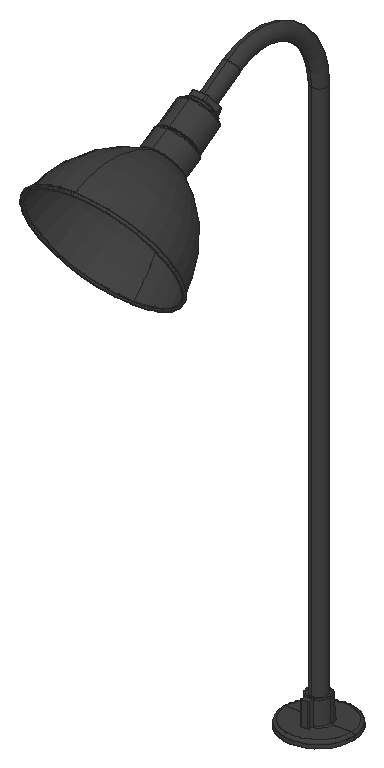
Revit family "BLE-G-DBW-G7-E26", category Lighting Fixtures, host Face, Revit 2022
Family settings
  Host = Face
  Round Connector Dimension = Use Diameter
  Part Type = Normal
  Cut with Voids When Loaded = No
  Light Source = Yes
  Maintain Annotation Orientation = No
  Shared = No
  Room Calculation Point = No
Parameters (values of type "10"")
  Wattage = 5.72229 W
  built-in parameter 1150110 = 1 (stored number, unit not read)
  built-in parameter 1114217 = 1 (stored number, unit not read)
  Tilt Angle = 0.00°
  built-in parameter 1150109 = 1 (stored number, unit not read)
  built-in parameter 1150134 = (empty or 0)
  built-in parameter 1150113 = 1 (stored number, unit not read)
  Gooseneck Material = 100 - Black
  Shade Material = 100 - Black
  Photometric Web File = "generic"
  built-in parameter 1150142 = (empty or 0)
  built-in parameter 1150105 = 67.641 (stored number, unit not read)
  Lumens = 850 lm
  built-in parameter 1150115 = 1 (stored number, unit not read)
  built-in parameter 1150137 = (empty or 0)
  built-in parameter 1150139 = (empty or 0)
  built-in parameter 1150112 = 1 (stored number, unit not read)
  built-in parameter 1150114 = 1 (stored number, unit not read)
  built-in parameter 1150132 = 2
  built-in parameter 1150102 = (empty or 0)
  built-in parameter 1150107 = 3000 (stored number, unit not read)
  built-in parameter 1150138 = (empty or 0)
  built-in parameter 1150106 = 0.67641 (stored number, unit not read)
  24" = no
  built-in parameter 1150104 = 13.8 (stored number, unit not read)
  20" = no
  Dimming Lamp Color Temperature Shift = <None>
  Default Elevation = 4' - 0"
  Color Filter = 16777215
  Base Material = 100 - Black
  built-in parameter 1114218 = 1 (stored number, unit not read)
  built-in parameter 1150133 = 10 (stored number, unit not read)
  16" = no
  14" = no
  12" = no
  10" = yes
Types (7): name | 24" | 20" | 16" | 14" | 12" | 10"
  (no name) | no | no | no | no | no | yes
  12" | no | no | no | no | yes | no
  14" | no | no | no | yes | no | no
  16" | no | no | yes | no | no | no
  10" | no | no | no | no | no | yes
  20" | no | yes | no | no | no | no
  24" | yes | no | no | no | no | no
Reference planes (in)
  plane 1 "Center (Front/Back)": y = 0
  plane 2: z = 0
  plane 3 "Center (Left/Right)": x = 0
Lines and regions (in)
  reference lines
    curve 1: line (0, 32, 0) -> (0, -36, 0)
    curve 2: line (-33.11947, 0, 0) -> (37.88053, 0, 0)
Dimensions and locks (in)
  locked: nested 6 to imposter light at 1.75
  aligned and locked: plane 2 to host face
  aligned and locked: level to host face
  aligned and locked: plane 3 "Center (Left/Right)" to nested 1
  aligned and locked: plane 1 "Center (Front/Back)" to nested 1
  aligned and locked: imposter light to nested 6
  aligned and locked: nested 7 to nested 3
  aligned and locked: imposter light to plane 3 "Center (Left/Right)"
  aligned and locked: plane 1 "Center (Front/Back)" to nested 2
  aligned and locked: nested 3 to plane 3 "Center (Left/Right)"
  aligned and locked: nested 3 to nested 6
  aligned and locked: imposter light to nested 3
Nested families (in)
  nested 1: "WBP-7501" at (0, 0, 0), type "WBP-7501"
  nested 2: "G7" at (0, 0, 1.975), type "GNK-5011"
  nested 3: "DBW Shade" at (0, -9.74073, 40.06581) x (0, 0.5, -0.866) z (0, -0.866, -0.5), type "DBW Shade"
    with 24" no, 20" no, 16" no, 14" no, 12" no
  nested 4: "103264" at (0, -3.60156, 48.3054) x (0, 0, -1) z (0, -1, 0), type "103264"
    with Heat Sink 9" no
  nested 5: "CPL-0004" at (0, -9.18316, 40.40043) x (1, 0, 0) z (0, -0.866, -0.5), type "CPL-0004"
  nested 6: "E26 Socket Assy" at (0, -9.77456, 40.04628) x (0, 0.5, -0.866) z (0, -0.866, -0.5), type "E26 Socket Assy"
  nested 7: "E26 Bulb" at (0, -11.72744, 38.91879) x (1, 0, 0) z (0, -0.866, -0.5), type "E26 Bulb"
Connectors (in)
  electrical at (0, 0, 0)
    settings: index 1, voltage 0 V, apparent load 0 VA, apparent load phase1 0 VA, apparent load phase2 0 VA, apparent load phase3 0 VA, power factor 1, load classification "Other", number of poles 1, system type 31, power factor state 1, is connector primary yes, connector utility no, sub classification motor no, connector description ""
Definition of nested family "WBP-7501"
  Parameters (values of type "WBP-7501")
    Default Elevation = 3' - 0"
    Base Material = none
  Reference planes (in)
    plane 1 "Center (Front/Back)": y = 0
    plane 2: z = 0
    plane 3 "Center (Left/Right)": x = 0
    plane 4 "Base Dia": x = -2.325
    plane 5 "Base Height": z = 0.4
    plane 6 "Fillet Radius": z = 0.225
    plane 7: z = 0.458
    plane 8: x = -0.87
    plane 9: x = -0.81
    plane 10: x = -0.76
    plane 11: z = 1.917
    plane 12: z = 1.975
    plane 13: x = -0.7
    plane 14: x = -0.2595
    plane 15: x = 0.2595
    plane 16: y = -1.135
  Forms (in)
    Extrusion 1, solid
      sketch origin (0, 0, 0) x (1, 0, 0) y (0, 1, 0)
        loop
          line (-48, 48) -> (-48, -48) -> (48, -48) -> (48, 48) -> (-48, 48)
      from 0 to -12
    Revolve 2, solid, material <- "Base Material"
      sketch origin (0, 0, 0) x (1, 0, 0) y (0, 0, 1)
        loop
          line (0, 0) -> (0, 1.975) -> (-0.7, 1.975)
          arc (-0.7, 1.975) -> (-0.74172, 1.95814) -> (-0.76, 1.91702) r 0.06003
          line (-0.76, 1.91702) -> (-0.81, 0.458)
          arc (-0.81, 0.458) -> (-0.82699, 0.41699) -> (-0.868, 0.4) r 0.058
          line (-0.868, 0.4) -> (-2.15, 0.4)
          arc (-2.15, 0.4) -> (-2.27374, 0.34874) -> (-2.325, 0.225) r 0.175
          line (-2.325, 0.225) -> (-2.325, 0) -> (0, 0)
        axis (0, 0) -> (0, 1.975)
      angle from 0 to 360
    Extrusion 3, solid, material <- "Base Material"
      sketch origin (0, 0, 0) x (1, 0, 0) y (0, 1, 0)
        loop
          line (-0.2595, -0.76731) -> (-0.2595, -1.075)
          arc (-0.2595, -1.075) -> (-0.24193, -1.11743) -> (-0.1995, -1.135) r 0.06
          line (-0.1995, -1.135) -> (0.1995, -1.135)
          arc (0.1995, -1.135) -> (0.24193, -1.11743) -> (0.2595, -1.075) r 0.06
          line (0.2595, -1.075) -> (0.2595, -0.76731)
          arc (0.2595, -0.76731) -> (0, -0.81) -> (-0.2595, -0.76731) r 0.81
      from 0 to 1.975
  Cuts and joins
    joined: Revolve 2, Extrusion 3
  Dimensions and locks (in)
    plane 4 "Base Dia" to plane 3 "Center (Left/Right)" = 0' - 2.325"
    locked: plane 5 "Base Height" to Extrusion 1 at 0.4
    locked: plane 3 "Center (Left/Right)" to plane 4 "Base Dia" at 2.325
    locked: plane 5 "Base Height" to plane 6 "Fillet Radius" at 0.175
    locked: plane 3 "Center (Left/Right)" to plane 9 at 0.81
    locked: plane 3 "Center (Left/Right)" to plane 8 at 0.87
    locked: plane 3 "Center (Left/Right)" to plane 10 at 0.76
    locked: plane 3 "Center (Left/Right)" to plane 13 at 0.7
    locked: plane 11 to plane 5 "Base Height" at 1.517
    locked: plane 12 to plane 5 "Base Height" at 1.575
    locked: plane 7 to plane 5 "Base Height" at 0.058
    locked: plane 14 to plane 3 "Center (Left/Right)" at 0.2595
    locked: plane 3 "Center (Left/Right)" to plane 15 at 0.2595
    locked: plane 16 to plane 1 "Center (Front/Back)" at 1.135
    radius of Revolve 2 sketch curve = 0' - 0.175"
    aligned and locked: plane 2 to Extrusion 1
    aligned and locked: level to Extrusion 1
    aligned and locked: Revolve 2 sketch curve to plane 5 "Base Height"
    aligned and locked: plane 9 to Revolve 2 sketch curve
    aligned and locked: plane 3 "Center (Left/Right)" to Revolve 2 sketch curve
    aligned and locked: plane 15 to Extrusion 3 sketch curve
    aligned and locked: Extrusion 3 sketch curve to plane 16
    aligned and locked: Extrusion 3 sketch curve to plane 14
  Automatic sketch dimensions
    Extrusion 1 sketch curve to Extrusion 1 sketch curve = 8' - 0"  (x2)
    Revolve 2 sketch curve to level = 0' - 0"
    Revolve 2 sketch curve to plane 4 "Base Dia" = 0' - 0"
    Revolve 2 sketch curve to plane 7 = 0' - 0"  (x2)
    plane 10 to Revolve 2 sketch curve = 0' - 0"
    Revolve 2 sketch curve to plane 12 = 0' - 0"
    Revolve 2 sketch curve to plane 13 = 0' - 0"
    Revolve 2 sketch curve to plane 3 "Center (Left/Right)" = 0' - 0"
    Revolve 2 sketch curve to Revolve 2 sketch curve = 0' - 0.22742"
    Revolve 2 sketch curve to Revolve 2 sketch curve = 0' - 1.76377"
    plane 1 "Center (Front/Back)" to Extrusion 3 sketch curve = 0' - 0"
    Extrusion 3 sketch curve to plane 3 "Center (Left/Right)" = 0' - 0"
    plane 14 to Extrusion 3 sketch curve = 0' - 0.06"
    Extrusion 3 sketch curve to plane 15 = 0' - 0.06"
    Extrusion 3 sketch curve to Extrusion 3 sketch curve = 0' - 0.30769"
Definition of nested family "G7"
  Parameters (values of type "G7")
    Gooseneck Material = none
    Default Elevation = 2' - 0"
  Reference planes (in)
    plane 1 "Center (Front/Back)": y = 0
    plane 2: z = 0
    plane 3 "Center (Left/Right)": x = 0
    plane 4 "Wood Height": z = 0
    plane 5: through (0, -9.18316, 38.42543) normal (0, -0.5, 0.866)
  Forms (in)
    Extrusion 1, solid
      sketch origin (0, 0, 0) x (1, 0, 0) y (0, 1, 0)
        loop
          line (-48, 48) -> (-48, -48) -> (48, -48) -> (48, 48) -> (-48, 48)
      from 0 to -12
    Sweep 2, solid, material <- "Gooseneck Material"
      path origin (0, 0, 0) x (0, 1, 0) y (0, 0, 1)
        loop
          line (0, -0.0015) -> (0, 35.50009)
          arc (0, 35.50009) -> (-2.375, 39.61371) -> (-7.125, 39.61371) r 4.75
          line (-7.125, 39.61371) -> (-9.18316, 38.42543)
      profile origin (0, 0, 17.7493) x (0, -1, 0) y (1, 0, 0)
        loop
          circle (0, 0) r 0.52676
  Dimensions and locks (in)
    aligned and locked: plane 2 to Extrusion 1
    aligned and locked: level to Extrusion 1
    aligned and locked: Extrusion 1 to plane 4 "Wood Height"
Definition of nested family "DBW Shade"
  Parameters (values of type "DBW Shade")
    Shade Material = none
    Default Elevation = 2' - 0"
    24" = yes
    20" = yes
    10" = yes
    16" = yes
    14" = yes
    12" = yes
  Reference planes (in)
    plane 1 "Center (Front/Back)": y = 0
    plane 2: z = 0
    plane 3 "Center (Left/Right)": x = 0
  Forms (in)
    Extrusion 1, solid
      sketch origin (0, 0, 0) x (1, 0, 0) y (0, 1, 0)
        loop
          line (-48, 48) -> (-48, -48) -> (48, -48) -> (48, 48) -> (-48, 48)
      from 0 to -12
  Dimensions and locks (in)
    aligned and locked: plane 2 to Extrusion 1
    aligned and locked: level to Extrusion 1
    aligned and locked: plane 1 "Center (Front/Back)" to nested 1
    aligned and locked: plane 3 "Center (Left/Right)" to nested 1
    aligned and locked: plane 3 "Center (Left/Right)" to nested 2
    aligned and locked: plane 1 "Center (Front/Back)" to nested 2
    aligned and locked: plane 1 "Center (Front/Back)" to nested 3
    aligned and locked: plane 3 "Center (Left/Right)" to nested 3
    aligned and locked: plane 1 "Center (Front/Back)" to nested 4
    aligned and locked: plane 1 "Center (Front/Back)" to nested 5
    aligned and locked: plane 3 "Center (Left/Right)" to nested 5
    aligned and locked: plane 3 "Center (Left/Right)" to nested 6
    aligned and locked: plane 1 "Center (Front/Back)" to nested 6
    aligned and locked: plane 3 "Center (Left/Right)" to nested 4
  Nested families (in)
    nested 1: "SHD-0028" at (0, 0, 0), visible <- "10"", type "SHD-0028"
    nested 2: "SHD-0029" at (0, 0, 0), visible <- "12"", type "SHD-0029"
    nested 3: "SHD-0114" at (0, 0, 0), visible <- "14"", type "SHD-0114"
    nested 4: "SHD-0115" at (0, 0, 0), visible <- "16"", type "SHD-0115"
    nested 5: "SHD-0308" at (0, 0, 0), visible <- "24"", type "SHD-0308"
    nested 6: "SHD-0223" at (0, 0, 0), visible <- "20"", type "SHD-0223"
  Definition of nested family "SHD-0028"
    Parameters (values of type "SHD-0028")
      Shade Material = none
      Default Elevation = 2' - 0"
    Reference planes (in)
      plane 1 "Center (Front/Back)": y = 0
      plane 2: z = 0
      plane 3 "Center (Left/Right)": x = 0
      plane 4 "Wood Height": z = 0
      plane 5 "Nut Radius": x = -1.03713
      plane 6 "Nut Flat": x = -0.861
      plane 7 "Shade Thickness": z = 0.04
      plane 8 "Lower Shade bottom": z = 9.109
      plane 9 "Lower Shade Outer Dia": x = -5
      plane 10 "Shade Top Dia": x = -1.20713
      plane 11 "Shade Middle Radius Height1": z = 1.965
      plane 12 "Shade Lower Diameter1": x = -1.44113
      plane 13 "Shade Top Radius": x = -1.29713
      plane 14 "Shade Middle Radious Height2": z = 2.105
      plane 15 "Shade Middle Radius Diameter2": x = -1.41363
      plane 16 "Lip Height": z = 9.029
      plane 17 "Bowl Start": z = 3.545
      plane 18: x = -4.85
      plane 19: z = 9.069
    Forms (in)
      Extrusion 1, solid
        sketch origin (0, 0, 0) x (1, 0, 0) y (0, 1, 0)
          loop
            line (-48, 48) -> (-48, -48) -> (48, -48) -> (48, 48) -> (-48, 48)
        from 0 to -12
      Revolve 2, solid, material <- "Shade Material"
        sketch origin (0, 0, 0) x (1, 0, 0) y (0, 0, 1)
          loop
            line (0, 0) -> (0, 0.03906) -> (-1.20713, 0.03906)
            arc (-1.20713, 0.03906) -> (-1.24314, 0.05398) -> (-1.25806, 0.09) r 0.05094
            line (-1.25806, 0.09) -> (-1.25806, 1.94384)
            arc (-1.25806, 1.94384) -> (-1.26409, 1.97759) -> (-1.28141, 2.00717) r 0.09757
            line (-1.28141, 2.00717) -> (-1.37456, 2.11635) -> (-1.37456, 3.48096)
            arc (-1.37456, 3.48096) -> (-1.39014, 3.54099) -> (-1.43295, 3.58588) r 0.12347
            arc (-1.43295, 3.58588) -> (-3.7536, 5.90437) -> (-4.80544, 9.01154) r 7.20294
            arc (-4.80544, 9.01154) -> (-4.99326, 9.04214) -> (-4.84504, 8.9228) r 0.09841
            line (-4.84504, 8.9228) -> (-4.86619, 8.95581)
            arc (-4.86619, 8.95581) -> (-4.95809, 9.02506) -> (-4.84432, 9.00777) r 0.05934
            arc (-4.84432, 9.00777) -> (-3.78678, 5.88375) -> (-1.45354, 3.55268) r 7.242
            arc (-1.45354, 3.55268) -> (-1.42428, 3.522) -> (-1.41363, 3.48096) r 0.0844
            line (-1.41363, 3.48096) -> (-1.41363, 2.13147)
            arc (-1.41363, 2.13147) -> (-1.40868, 2.10377) -> (-1.39446, 2.07949) r 0.08009
            line (-1.39446, 2.07949) -> (-1.31112, 1.98181)
            arc (-1.31112, 1.98181) -> (-1.30074, 1.96408) -> (-1.29713, 1.94384) r 0.0585
            line (-1.29713, 1.94384) -> (-1.29713, 0.09)
            arc (-1.29713, 0.09) -> (-1.27077, 0.02636) -> (-1.20713, 0) r 0.09
            line (-1.20713, 0) -> (0, 0)
          axis (0, 9.01154) -> (0, 0)
        angle from 0 to 360
    Dimensions and locks (in)
      locked: plane 6 "Nut Flat" to plane 3 "Center (Left/Right)" at 0.861
      locked: plane 7 "Shade Thickness" to plane 4 "Wood Height" at 0.04
      locked: plane 3 "Center (Left/Right)" to plane 9 "Lower Shade Outer Dia" at 5
      locked: plane 11 "Shade Middle Radius Height1" to plane 4 "Wood Height" at 1.965
      locked: plane 14 "Shade Middle Radious Height2" to plane 4 "Wood Height" at 2.105
      locked: plane 8 "Lower Shade bottom" to plane 16 "Lip Height" at 0.08
      locked: plane 17 "Bowl Start" to plane 4 "Wood Height" at 3.545
      locked: plane 18 to plane 9 "Lower Shade Outer Dia" at 0.15
      locked: plane 8 "Lower Shade bottom" to plane 19 at 0.04
      locked: plane 8 "Lower Shade bottom" to plane 4 "Wood Height" at 9.109
      aligned and locked: plane 2 to Extrusion 1
      aligned and locked: level to Extrusion 1
      aligned and locked: plane 4 "Wood Height" to Revolve 2 sketch curve
      aligned and locked: plane 10 "Shade Top Dia" to Revolve 2 sketch curve
      aligned and locked: Revolve 2 sketch curve to plane 15 "Shade Middle Radius Diameter2"
      aligned and locked: Revolve 2 sketch curve to plane 13 "Shade Top Radius"
      aligned and locked: Extrusion 1 to plane 4 "Wood Height"
    Automatic sketch dimensions
      Extrusion 1 sketch curve to Extrusion 1 sketch curve = 8' - 0"  (x2)
      Revolve 2 sketch curve to Revolve 2 sketch curve = 0' - 0"  (x12)
      Revolve 2 sketch curve to plane 3 "Center (Left/Right)" = 0' - 0"  (x2)
      plane 18 to Revolve 2 sketch curve = 0' - 0.00496"
      Revolve 2 sketch curve to plane 18 = 0' - 0.01619"
      plane 15 "Shade Middle Radius Diameter2" to Revolve 2 sketch curve = 0' - 0.01916"
      plane 14 "Shade Middle Radious Height2" to Revolve 2 sketch curve = 0' - 0.01135"
      plane 15 "Shade Middle Radius Diameter2" to Revolve 2 sketch curve = 0' - 0 5/128"
      Revolve 2 sketch curve to plane 11 "Shade Middle Radius Height1" = 0' - 0.02116"
      plane 15 "Shade Middle Radius Diameter2" to Revolve 2 sketch curve = 0' - 0.058"
      plane 14 "Shade Middle Radious Height2" to Revolve 2 sketch curve = 0' - 0.02647"
      Revolve 2 sketch curve to plane 13 "Shade Top Radius" = 0' - 0.01572"
      Revolve 2 sketch curve to Revolve 2 sketch curve = 0' - 0 5/128"
      Revolve 2 sketch curve to plane 17 "Bowl Start" = 0' - 0.06404"
      plane 18 to Revolve 2 sketch curve = 0' - 0.00568"
      plane 17 "Bowl Start" to Revolve 2 sketch curve = 0' - 0.15101"
      Revolve 2 sketch curve to Revolve 2 sketch curve = 0' - 2.15863"
      Revolve 2 sketch curve to plane 12 "Shade Lower Diameter1" = 0' - 0.00818"
      Revolve 2 sketch curve to Revolve 2 sketch curve = 0' - 0.03888"  (x2)
      Revolve 2 sketch curve to Revolve 2 sketch curve = 0' - 0.03301"
      Revolve 2 sketch curve to Revolve 2 sketch curve = 0' - 0.02059"
      Revolve 2 sketch curve to Revolve 2 sketch curve = 0' - 0.03319"
  Definition of nested family "SHD-0029"
    Parameters (values of type "SHD-0029")
      Shade Material = none
      Default Elevation = 2' - 0"
    Reference planes (in)
      plane 1 "Center (Front/Back)": y = 0
      plane 2: z = 0
      plane 3 "Center (Left/Right)": x = 0
      plane 4 "Wood Height": z = 0
      plane 5 "Nut Radius": x = -1.03713
      plane 6 "Nut Flat": x = -0.861
      plane 7 "Shade Thickness": z = 0.04
      plane 8 "Shade Top Dia": x = -1.20713
      plane 9 "Shade Middle Radius Height1": z = 1.965
      plane 10 "Shade Lower Diameter1": x = -1.44113
      plane 11 "Shade Top Radius": x = -1.29713
      plane 12 "Shade Middle Radious Height2": z = 2.105
      plane 13 "Shade Middle Radius Diameter2": x = -1.41363
      plane 14 "Bowl Start": z = 3.545
    Forms (in)
      Extrusion 1, solid
        sketch origin (0, 0, 0) x (1, 0, 0) y (0, 1, 0)
          loop
            line (-48, 48) -> (-48, -48) -> (48, -48) -> (48, 48) -> (-48, 48)
        from 0 to -12
      Revolve 2, solid, material <- "Shade Material"
        sketch origin (0, 0, 0) x (1, 0, 0) y (0, 0, 1)
          loop
            line (0, 0) -> (0, 0.03906) -> (-1.20713, 0.03906)
            arc (-1.20713, 0.03906) -> (-1.24314, 0.05398) -> (-1.25806, 0.09) r 0.05094
            line (-1.25806, 0.09) -> (-1.25806, 1.94384)
            arc (-1.25806, 1.94384) -> (-1.26409, 1.97759) -> (-1.28141, 2.00717) r 0.09757
            line (-1.28141, 2.00717) -> (-1.37456, 2.11635) -> (-1.37456, 3.49488)
            arc (-1.37456, 3.49488) -> (-1.3856, 3.54027) -> (-1.41623, 3.57553) r 0.09889
            arc (-1.41623, 3.57553) -> (-4.2546, 6.22323) -> (-5.80711, 9.7808) r 9.56481
            arc (-5.80711, 9.7808) -> (-5.99536, 9.79563) -> (-5.84506, 9.68132) r 0.09841
            line (-5.84506, 9.68132) -> (-5.86621, 9.71432)
            arc (-5.86621, 9.71432) -> (-5.9593, 9.78052) -> (-5.84534, 9.77276) r 0.05934
            arc (-5.84534, 9.77276) -> (-4.28694, 6.2013) -> (-1.43786, 3.54296) r 9.60387
            arc (-1.43786, 3.54296) -> (-1.42003, 3.5218) -> (-1.41363, 3.49488) r 0.05982
            line (-1.41363, 3.49488) -> (-1.41363, 2.13147)
            arc (-1.41363, 2.13147) -> (-1.40868, 2.10377) -> (-1.39446, 2.07949) r 0.08009
            line (-1.39446, 2.07949) -> (-1.31112, 1.98181)
            arc (-1.31112, 1.98181) -> (-1.30074, 1.96408) -> (-1.29713, 1.94384) r 0.0585
            line (-1.29713, 1.94384) -> (-1.29713, 0.09)
            arc (-1.29713, 0.09) -> (-1.27077, 0.02636) -> (-1.20713, 0) r 0.09
            line (-1.20713, 0) -> (0, 0)
          axis (0, 9.7808) -> (0, 0)
        angle from 0 to 360
    Dimensions and locks (in)
      locked: plane 6 "Nut Flat" to plane 3 "Center (Left/Right)" at 0.861
      locked: plane 7 "Shade Thickness" to plane 4 "Wood Height" at 0.04
      locked: plane 9 "Shade Middle Radius Height1" to plane 4 "Wood Height" at 1.965
      locked: plane 12 "Shade Middle Radious Height2" to plane 4 "Wood Height" at 2.105
      locked: plane 14 "Bowl Start" to plane 4 "Wood Height" at 3.545
      aligned and locked: plane 2 to Extrusion 1
      aligned and locked: level to Extrusion 1
      aligned and locked: plane 4 "Wood Height" to Revolve 2 sketch curve
      aligned and locked: plane 8 "Shade Top Dia" to Revolve 2 sketch curve
      aligned and locked: Revolve 2 sketch curve to plane 13 "Shade Middle Radius Diameter2"
      aligned and locked: Revolve 2 sketch curve to plane 11 "Shade Top Radius"
      aligned and locked: Extrusion 1 to plane 4 "Wood Height"
    Automatic sketch dimensions
      Extrusion 1 sketch curve to Extrusion 1 sketch curve = 8' - 0"  (x2)
      Revolve 2 sketch curve to Revolve 2 sketch curve = 0' - 0"  (x15)
      Revolve 2 sketch curve to plane 3 "Center (Left/Right)" = 0' - 0"  (x2)
      plane 10 "Shade Lower Diameter1" to Revolve 2 sketch curve = 0' - 0.03232"
      Revolve 2 sketch curve to Revolve 2 sketch curve = 0' - 0.02115"
      Revolve 2 sketch curve to Revolve 2 sketch curve = 0' - 0.0372"
      plane 13 "Shade Middle Radius Diameter2" to Revolve 2 sketch curve = 0' - 0.01916"
      plane 12 "Shade Middle Radious Height2" to Revolve 2 sketch curve = 0' - 0.01135"
      plane 13 "Shade Middle Radius Diameter2" to Revolve 2 sketch curve = 0' - 0 5/128"
      Revolve 2 sketch curve to plane 9 "Shade Middle Radius Height1" = 0' - 0.02116"
      plane 13 "Shade Middle Radius Diameter2" to Revolve 2 sketch curve = 0' - 0.058"
      plane 12 "Shade Middle Radious Height2" to Revolve 2 sketch curve = 0' - 0.02647"
      Revolve 2 sketch curve to plane 11 "Shade Top Radius" = 0' - 0.01572"
      Revolve 2 sketch curve to Revolve 2 sketch curve = 0' - 0 5/128"
      Revolve 2 sketch curve to plane 14 "Bowl Start" = 0' - 0.05012"
      Revolve 2 sketch curve to Revolve 2 sketch curve = 0' - 0.03301"
      Revolve 2 sketch curve to Revolve 2 sketch curve = 0' - 0.04623"
      Revolve 2 sketch curve to plane 13 "Shade Middle Radius Diameter2" = 0' - 0.00261"
      Revolve 2 sketch curve to plane 14 "Bowl Start" = 0' - 0.00204"
      plane 14 "Bowl Start" to Revolve 2 sketch curve = 0' - 0.15101"
      Revolve 2 sketch curve to Revolve 2 sketch curve = 0' - 2.15863"
      plane 10 "Shade Lower Diameter1" to Revolve 2 sketch curve = 0' - 4.40394"
      plane 3 "Center (Left/Right)" to Revolve 2 sketch curve = 0' - 3.5532"
      plane 14 "Bowl Start" to Revolve 2 sketch curve = 0' - 6.13632"
  Definition of nested family "SHD-0114"
    Parameters (values of type "SHD-0114")
      Shade Material = none
      Default Elevation = 2' - 0"
    Reference planes (in)
      plane 1 "Center (Front/Back)": y = 0
      plane 2: z = 0
      plane 3 "Center (Left/Right)": x = 0
      plane 4 "Wood Height": z = 0
    Forms (in)
      Extrusion 1, solid
        sketch origin (0, 0, 0) x (1, 0, 0) y (0, 1, 0)
          loop
            line (-48, 48) -> (-48, -48) -> (48, -48) -> (48, 48) -> (-48, 48)
        from 0 to -12
      Revolve 2, solid, material <- "Shade Material"
        sketch origin (0, 0, 0) x (1, 0, 0) y (0, 0, 1)
          loop
            line (0, 0) -> (0, 0.03906) -> (-1.45545, 0.03906)
            arc (-1.45545, 0.03906) -> (-1.49164, 0.05405) -> (-1.50663, 0.09025) r 0.05119
            line (-1.50663, 0.09025) -> (-1.50663, 2.07228)
            arc (-1.50663, 2.07228) -> (-1.51325, 2.1034) -> (-1.53194, 2.12913) r 0.0765
            line (-1.53194, 2.12913) -> (-1.59895, 2.18946)
            arc (-1.59895, 2.18946) -> (-1.61737, 2.21483) -> (-1.62389, 2.24549) r 0.07539
            line (-1.62389, 2.24549) -> (-1.62389, 3.76049)
            arc (-1.62389, 3.76049) -> (-1.63985, 3.81863) -> (-1.68326, 3.86047) r 0.11386
            arc (-1.68326, 3.86047) -> (-5.12462, 6.95788) -> (-6.79993, 11.27416) r 9.99002
            arc (-6.79993, 11.27416) -> (-6.99505, 11.29998) -> (-6.84047, 11.17815) r 0.10205
            line (-6.84047, 11.17815) -> (-6.86365, 11.20959)
            arc (-6.86365, 11.20959) -> (-6.95906, 11.28479) -> (-6.83863, 11.26885) r 0.06299
            arc (-6.83863, 11.26885) -> (-5.15677, 6.93569) -> (-1.70196, 3.82617) r 10.02909
            arc (-1.70196, 3.82617) -> (-1.67344, 3.79868) -> (-1.66295, 3.76049) r 0.07479
            line (-1.66295, 3.76049) -> (-1.66295, 2.24549)
            arc (-1.66295, 2.24549) -> (-1.65306, 2.19894) -> (-1.62508, 2.16043) r 0.11445
            line (-1.62508, 2.16043) -> (-1.55808, 2.1001)
            arc (-1.55808, 2.1001) -> (-1.54893, 2.08751) -> (-1.54569, 2.07228) r 0.03743
            line (-1.54569, 2.07228) -> (-1.54569, 0.09025)
            arc (-1.54569, 0.09025) -> (-1.51926, 0.02643) -> (-1.45545, 0) r 0.09025
            line (-1.45545, 0) -> (0, 0)
          axis (0, 11.27416) -> (0, 0)
        angle from 0 to 360
    Dimensions and locks (in)
      aligned and locked: plane 2 to Extrusion 1
      aligned and locked: level to Extrusion 1
      aligned and locked: Extrusion 1 to plane 4 "Wood Height"
    Automatic sketch dimensions
      Extrusion 1 sketch curve to Extrusion 1 sketch curve = 8' - 0"  (x2)
      Revolve 2 sketch curve to Revolve 2 sketch curve = 0' - 0"  (x25)
      Revolve 2 sketch curve to level = 0' - 0"
      Revolve 2 sketch curve to plane 3 "Center (Left/Right)" = 0' - 0"  (x2)
      Revolve 2 sketch curve to Revolve 2 sketch curve = 0' - 0.01239"
      Revolve 2 sketch curve to Revolve 2 sketch curve = 0' - 0.07479"
      Revolve 2 sketch curve to Revolve 2 sketch curve = 0' - 0.02318"
      Revolve 2 sketch curve to Revolve 2 sketch curve = 0' - 0.03738"
      Revolve 2 sketch curve to Revolve 2 sketch curve = 0' - 0.03144"
      Revolve 2 sketch curve to Revolve 2 sketch curve = 0' - 0.0507"
      Revolve 2 sketch curve to Revolve 2 sketch curve = 0' - 0.01869"  (x2)
      Revolve 2 sketch curve to Revolve 2 sketch curve = 0' - 2.15863"
      plane 3 "Center (Left/Right)" to Revolve 2 sketch curve = 0' - 3.09734"
      Revolve 2 sketch curve to Revolve 2 sketch curve = 0' - 0.02614"
      Revolve 2 sketch curve to Revolve 2 sketch curve = 0' - 0 5/128"  (x2)
      Revolve 2 sketch curve to Revolve 2 sketch curve = 0' - 1.45545"
      Revolve 2 sketch curve to Revolve 2 sketch curve = 0' - 0.05119"
      Revolve 2 sketch curve to Revolve 2 sketch curve = 0' - 0.02531"
      Revolve 2 sketch curve to Revolve 2 sketch curve = 0' - 0.01656"
      Revolve 2 sketch curve to Revolve 2 sketch curve = 0' - 0.02505"
      Revolve 2 sketch curve to Revolve 2 sketch curve = 0' - 0.05045"
      Revolve 2 sketch curve to plane 3 "Center (Left/Right)" = 0' - 6.84047"
      Revolve 2 sketch curve to Revolve 2 sketch curve = 0' - 1.98204"
      Revolve 2 sketch curve to Revolve 2 sketch curve = 0' - 1.515"
      Revolve 2 sketch curve to Revolve 2 sketch curve = 0' - 7.41765"
      Revolve 2 sketch curve to Revolve 2 sketch curve = 0' - 0.06448"
  Definition of nested family "SHD-0115"
    Parameters (values of type "SHD-0115")
      Shade Material = none
      Default Elevation = 2' - 0"
    Reference planes (in)
      plane 1 "Center (Front/Back)": y = 0
      plane 2: z = 0
      plane 3 "Center (Left/Right)": x = 0
      plane 4 "Wood Height": z = 0
    Forms (in)
      Extrusion 1, solid
        sketch origin (0, 0, 0) x (1, 0, 0) y (0, 1, 0)
          loop
            line (-48, 48) -> (-48, -48) -> (48, -48) -> (48, 48) -> (-48, 48)
        from 0 to -12
      Revolve 2, solid, material <- "Shade Material"
        sketch origin (0, 0, 0) x (1, 0, 0) y (0, 0, 1)
          loop
            line (0, 0) -> (0, 0.03906) -> (-1.45545, 0.03906)
            arc (-1.45545, 0.03906) -> (-1.49164, 0.05405) -> (-1.50663, 0.09025) r 0.05119
            line (-1.50663, 0.09025) -> (-1.50663, 2.07228)
            arc (-1.50663, 2.07228) -> (-1.51325, 2.1034) -> (-1.53194, 2.12913) r 0.0765
            line (-1.53194, 2.12913) -> (-1.59895, 2.18946)
            arc (-1.59895, 2.18946) -> (-1.61737, 2.21483) -> (-1.62389, 2.24549) r 0.07539
            line (-1.62389, 2.24549) -> (-1.62389, 3.76049)
            arc (-1.62389, 3.76049) -> (-1.64115, 3.82076) -> (-1.6877, 3.86276) r 0.11386
            arc (-1.6877, 3.86276) -> (-5.9143, 7.51176) -> (-7.79992, 12.76759) r 10.98102
            arc (-7.79992, 12.76759) -> (-7.99459, 12.80067) -> (-7.84102, 12.67655) r 0.10205
            line (-7.84102, 12.67655) -> (-7.8642, 12.70799)
            arc (-7.8642, 12.70799) -> (-7.95899, 12.7846) -> (-7.83883, 12.76418) r 0.06299
            arc (-7.83883, 12.76418) -> (-5.94651, 7.48965) -> (-1.70487, 3.82767) r 11.02008
            arc (-1.70487, 3.82767) -> (-1.67429, 3.80009) -> (-1.66295, 3.76049) r 0.07479
            line (-1.66295, 3.76049) -> (-1.66295, 2.24549)
            arc (-1.66295, 2.24549) -> (-1.65306, 2.19894) -> (-1.62508, 2.16043) r 0.11445
            line (-1.62508, 2.16043) -> (-1.55808, 2.1001)
            arc (-1.55808, 2.1001) -> (-1.54893, 2.08751) -> (-1.54569, 2.07228) r 0.03743
            line (-1.54569, 2.07228) -> (-1.54569, 0.09025)
            arc (-1.54569, 0.09025) -> (-1.51926, 0.02643) -> (-1.45545, 0) r 0.09025
            line (-1.45545, 0) -> (0, 0)
          axis (0, 12.76759) -> (0, 0)
        angle from 0 to 360
    Dimensions and locks (in)
      aligned and locked: plane 2 to Extrusion 1
      aligned and locked: level to Extrusion 1
      aligned and locked: Extrusion 1 to plane 4 "Wood Height"
    Automatic sketch dimensions
      Extrusion 1 sketch curve to Extrusion 1 sketch curve = 8' - 0"  (x2)
      Revolve 2 sketch curve to Revolve 2 sketch curve = 0' - 0"  (x16)
      Revolve 2 sketch curve to level = 0' - 0"
      Revolve 2 sketch curve to plane 3 "Center (Left/Right)" = 0' - 0"  (x2)
      Revolve 2 sketch curve to Revolve 2 sketch curve = 0' - 1.45545"
      Revolve 2 sketch curve to plane 3 "Center (Left/Right)" = 0' - 1.50663"
      Revolve 2 sketch curve to Revolve 2 sketch curve = 0' - 0.02531"
      Revolve 2 sketch curve to Revolve 2 sketch curve = 0' - 0 5/128"
      Revolve 2 sketch curve to Revolve 2 sketch curve = 0' - 0.01656"
      Revolve 2 sketch curve to Revolve 2 sketch curve = 0' - 0.01239"
      Revolve 2 sketch curve to Revolve 2 sketch curve = 0' - 0.02505"
      Revolve 2 sketch curve to Revolve 2 sketch curve = 0' - 0.05045"
      Revolve 2 sketch curve to Revolve 2 sketch curve = 0' - 0.02494"
      Revolve 2 sketch curve to Revolve 2 sketch curve = 0' - 0.02614"
      Revolve 2 sketch curve to Revolve 2 sketch curve = 0' - 0.07479"
      Revolve 2 sketch curve to Revolve 2 sketch curve = 0' - 0.02318"
      Revolve 2 sketch curve to Revolve 2 sketch curve = 0' - 0.03738"
      plane 3 "Center (Left/Right)" to Revolve 2 sketch curve = 0' - 3.13919"
      Revolve 2 sketch curve to Revolve 2 sketch curve = 0' - 1.98204"
      Revolve 2 sketch curve to Revolve 2 sketch curve = 0' - 1.515"
      Revolve 2 sketch curve to Revolve 2 sketch curve = 0' - 0.03144"
      Revolve 2 sketch curve to Revolve 2 sketch curve = 0' - 0.0507"
      Revolve 2 sketch curve to Revolve 2 sketch curve = 0' - 1.04947"
      Revolve 2 sketch curve to Revolve 2 sketch curve = 0' - 0.03891"
      Revolve 2 sketch curve to Revolve 2 sketch curve = 0' - 0.06448"
      Revolve 2 sketch curve to Revolve 2 sketch curve = 0' - 2.15863"
  Definition of nested family "SHD-0308"
    Parameters (values of type "SHD-0308")
      Shade Material = none
      Default Elevation = 2' - 0"
    Reference planes (in)
      plane 1 "Center (Front/Back)": y = 0
      plane 2: z = 0
      plane 3 "Center (Left/Right)": x = 0
      plane 4 "Wood Height": z = 0
    Forms (in)
      Extrusion 1, solid
        sketch origin (0, 0, 0) x (1, 0, 0) y (0, 1, 0)
          loop
            line (-48, 48) -> (-48, -48) -> (48, -48) -> (48, 48) -> (-48, 48)
        from 0 to -12
      Revolve 2, solid, material <- "Shade Material"
        sketch origin (0, 0, 0) x (1, 0, 0) y (0, 0, 1)
          loop
            line (0, 0) -> (0, 0.03906) -> (-2.22237, 0.03906)
            arc (-2.22237, 0.03906) -> (-2.2742, 0.06053) -> (-2.29567, 0.11236) r 0.0733
            line (-2.29567, 0.11236) -> (-2.29567, 3.09806)
            arc (-2.29567, 3.09806) -> (-2.30835, 3.16758) -> (-2.34475, 3.22814) r 0.19691
            line (-2.34475, 3.22814) -> (-2.42725, 3.32189)
            arc (-2.42725, 3.32189) -> (-2.46224, 3.38009) -> (-2.47442, 3.4469) r 0.18923
            line (-2.47442, 3.4469) -> (-2.47442, 5.72055)
            arc (-2.47442, 5.72055) -> (-2.4994, 5.80773) -> (-2.56677, 5.86845) r 0.16462
            arc (-2.56677, 5.86845) -> (-9.0535, 11.47959) -> (-11.91654, 19.56448) r 16.76616
            arc (-11.91654, 19.56448) -> (-11.93143, 19.59499) -> (-11.96306, 19.60734) r 0.04667
            line (-11.96306, 19.60734) -> (-12.00319, 19.60734)
            arc (-12.00319, 19.60734) -> (-12.07667, 19.53386) -> (-12.00319, 19.46037) r 0.07348
            line (-12.00319, 19.46037) -> (-11.96309, 19.46037) -> (-11.96309, 19.49944) -> (-12.00319, 19.49944)
            arc (-12.00319, 19.49944) -> (-12.03761, 19.53386) -> (-12.00319, 19.56828) r 0.03442
            line (-12.00319, 19.56828) -> (-11.95604, 19.56828)
            arc (-11.95604, 19.56828) -> (-9.08774, 11.46046) -> (-2.58392, 5.83336) r 16.80523
            arc (-2.58392, 5.83336) -> (-2.53254, 5.78704) -> (-2.51348, 5.72055) r 0.12556
            line (-2.51348, 5.72055) -> (-2.51348, 3.4469)
            arc (-2.51348, 3.4469) -> (-2.49878, 3.3663) -> (-2.45658, 3.29609) r 0.22829
            line (-2.45658, 3.29609) -> (-2.37408, 3.20234)
            arc (-2.37408, 3.20234) -> (-2.34489, 3.15379) -> (-2.33473, 3.09806) r 0.15785
            line (-2.33473, 3.09806) -> (-2.33473, 0.11236)
            arc (-2.33473, 0.11236) -> (-2.30182, 0.03291) -> (-2.22237, 0) r 0.11236
            line (-2.22237, 0) -> (0, 0)
          axis (0, 19.60734) -> (0, 0)
        angle from 0 to 360
    Dimensions and locks (in)
      aligned and locked: plane 2 to Extrusion 1
      aligned and locked: level to Extrusion 1
      aligned and locked: Extrusion 1 to plane 4 "Wood Height"
    Automatic sketch dimensions
      Extrusion 1 sketch curve to Extrusion 1 sketch curve = 8' - 0"  (x2)
      Revolve 2 sketch curve to Revolve 2 sketch curve = 0' - 0"  (x24)
      Revolve 2 sketch curve to level = 0' - 0"
      Revolve 2 sketch curve to plane 3 "Center (Left/Right)" = 0' - 0"  (x2)
      Revolve 2 sketch curve to Revolve 2 sketch curve = 0' - 0.01047"
      Revolve 2 sketch curve to Revolve 2 sketch curve = 0' - 0.01002"
      Revolve 2 sketch curve to Revolve 2 sketch curve = 0' - 0.02933"  (x2)
      Revolve 2 sketch curve to Revolve 2 sketch curve = 0' - 0.04717"
      Revolve 2 sketch curve to Revolve 2 sketch curve = 0' - 0.12556"
      Revolve 2 sketch curve to Revolve 2 sketch curve = 0' - 0.00701"
      Revolve 2 sketch curve to Revolve 2 sketch curve = 0' - 0.00004"
      Revolve 2 sketch curve to Revolve 2 sketch curve = 0' - 0.04013"
      plane 3 "Center (Left/Right)" to Revolve 2 sketch curve = 0' - 4.79372"
      Revolve 2 sketch curve to Revolve 2 sketch curve = 0' - 0 5/128"  (x2)
      Revolve 2 sketch curve to Revolve 2 sketch curve = 0' - 2.9857"
      Revolve 2 sketch curve to Revolve 2 sketch curve = 0' - 2.27365"
      Revolve 2 sketch curve to Revolve 2 sketch curve = 0' - 0.03442"
      Revolve 2 sketch curve to Revolve 2 sketch curve = 0' - 0.00761"
      Revolve 2 sketch curve to Revolve 2 sketch curve = 0' - 0.24911"
      Revolve 2 sketch curve to Revolve 2 sketch curve = 0' - 2.15863"
      Revolve 2 sketch curve to Revolve 2 sketch curve = 0' - 2.22237"
      Revolve 2 sketch curve to plane 3 "Center (Left/Right)" = 0' - 2.28519"
      Revolve 2 sketch curve to plane 3 "Center (Left/Right)" = 0' - 11.95604"
      Revolve 2 sketch curve to Revolve 2 sketch curve = 1' - 1.73983"
      Revolve 2 sketch curve to Revolve 2 sketch curve = 1' - 3.07792"
  Definition of nested family "SHD-0223"
    Parameters (values of type "SHD-0223")
      Shade Material = none
      Default Elevation = 2' - 0"
    Reference planes (in)
      plane 1 "Center (Front/Back)": y = 0
      plane 2: z = 0
      plane 3 "Center (Left/Right)": x = 0
      plane 4 "Wood Height": z = 0
    Forms (in)
      Extrusion 1, solid
        sketch origin (0, 0, 0) x (1, 0, 0) y (0, 1, 0)
          loop
            line (-48, 48) -> (-48, -48) -> (48, -48) -> (48, 48) -> (-48, 48)
        from 0 to -12
      Revolve 2, solid, material <- "Shade Material"
        sketch origin (0, 0, 0) x (1, 0, 0) y (0, 0, 1)
          loop
            line (0, 0) -> (0, 0.03906) -> (-1.8485, 0.03906)
            arc (-1.8485, 0.03906) -> (-1.88896, 0.05582) -> (-1.90572, 0.09628) r 0.05722
            line (-1.90572, 0.09628) -> (-1.90572, 2.57881)
            arc (-1.90572, 2.57881) -> (-1.9168, 2.64011) -> (-1.94865, 2.69364) r 0.17504
            line (-1.94865, 2.69364) -> (-2.01787, 2.77327)
            arc (-2.01787, 2.77327) -> (-2.04498, 2.81883) -> (-2.05441, 2.871) r 0.14898
            line (-2.05441, 2.871) -> (-2.05441, 4.7663)
            arc (-2.05441, 4.7663) -> (-2.07634, 4.84285) -> (-2.13548, 4.89618) r 0.14458
            arc (-2.13548, 4.89618) -> (-7.53748, 9.56968) -> (-9.92412, 16.30223) r 13.97395
            arc (-9.92412, 16.30223) -> (-9.93712, 16.32887) -> (-9.96474, 16.33964) r 0.04076
            line (-9.96474, 16.33964) -> (-10.00281, 16.33964)
            arc (-10.00281, 16.33964) -> (-10.06432, 16.27814) -> (-10.00281, 16.21663) r 0.06151
            line (-10.00281, 16.21663) -> (-9.96563, 16.21663) -> (-9.96563, 16.25569) -> (-10.00281, 16.25569)
            arc (-10.00281, 16.25569) -> (-10.02526, 16.27814) -> (-10.00281, 16.30058) r 0.02244
            line (-10.00281, 16.30058) -> (-9.96317, 16.30058)
            arc (-9.96317, 16.30058) -> (-7.57018, 9.5483) -> (-2.15264, 4.86109) r 14.01301
            arc (-2.15264, 4.86109) -> (-2.10948, 4.82217) -> (-2.09348, 4.7663) r 0.10551
            line (-2.09348, 4.7663) -> (-2.09348, 2.871)
            arc (-2.09348, 2.871) -> (-2.08157, 2.80515) -> (-2.04735, 2.74764) r 0.18804
            line (-2.04735, 2.74764) -> (-1.97814, 2.66801)
            arc (-1.97814, 2.66801) -> (-1.95339, 2.62643) -> (-1.94478, 2.57881) r 0.13598
            line (-1.94478, 2.57881) -> (-1.94478, 0.09628)
            arc (-1.94478, 0.09628) -> (-1.91658, 0.0282) -> (-1.8485, 0) r 0.09628
            line (-1.8485, 0) -> (0, 0)
          axis (0, 16.33964) -> (0, 0)
        angle from 0 to 360
    Dimensions and locks (in)
      aligned and locked: plane 2 to Extrusion 1
      aligned and locked: level to Extrusion 1
      aligned and locked: Extrusion 1 to plane 4 "Wood Height"
    Automatic sketch dimensions
      Extrusion 1 sketch curve to Extrusion 1 sketch curve = 8' - 0"  (x2)
      Revolve 2 sketch curve to Revolve 2 sketch curve = 0' - 0"  (x24)
      Revolve 2 sketch curve to level = 0' - 0"
      Revolve 2 sketch curve to plane 3 "Center (Left/Right)" = 0' - 0"  (x2)
      Revolve 2 sketch curve to Revolve 2 sketch curve = 0' - 0.05722"
      Revolve 2 sketch curve to Revolve 2 sketch curve = 0' - 0.00387"
      Revolve 2 sketch curve to Revolve 2 sketch curve = 0' - 0.02948"  (x2)
      Revolve 2 sketch curve to Revolve 2 sketch curve = 0' - 0.06922"
      Revolve 2 sketch curve to Revolve 2 sketch curve = 0' - 0.10551"
      Revolve 2 sketch curve to Revolve 2 sketch curve = 0' - 0.00156"
      Revolve 2 sketch curve to Revolve 2 sketch curve = 0' - 0.0009"
      Revolve 2 sketch curve to Revolve 2 sketch curve = 0' - 0.03807"
      plane 3 "Center (Left/Right)" to Revolve 2 sketch curve = 0' - 4.00263"
      Revolve 2 sketch curve to Revolve 2 sketch curve = 0' - 0 5/128"  (x2)
      Revolve 2 sketch curve to Revolve 2 sketch curve = 0' - 0.02244"
      Revolve 2 sketch curve to Revolve 2 sketch curve = 0' - 0.0017"
      Revolve 2 sketch curve to Revolve 2 sketch curve = 0' - 2.15863"
      Revolve 2 sketch curve to Revolve 2 sketch curve = 0' - 11.59521"
      Revolve 2 sketch curve to Revolve 2 sketch curve = 0' - 1.8485"
      Revolve 2 sketch curve to Revolve 2 sketch curve = 0' - 0.00028"
      Revolve 2 sketch curve to plane 3 "Center (Left/Right)" = 0' - 9.96317"
      Revolve 2 sketch curve to Revolve 2 sketch curve = 0' - 2.48252"
      Revolve 2 sketch curve to Revolve 2 sketch curve = 0' - 1.89529"
      Revolve 2 sketch curve to Revolve 2 sketch curve = 0' - 11.45033"
      Revolve 2 sketch curve to Revolve 2 sketch curve = 0' - 1.11021"
Definition of nested family "CPL-0004"
  Parameters (values of type "CPL-0004")
    Coupler Material = none
    Default Elevation = 2' - 0"
  Reference planes (in)
    plane 1 "Center (Front/Back)": y = 0
    plane 2: z = 0
    plane 3 "Center (Left/Right)": x = 0
    plane 4 "Wood Height": z = 0
    plane 5: y = 0.875
    plane 6: z = 0.4
  Forms (in)
    Extrusion 1, solid
      sketch origin (0, 0, 0) x (1, 0, 0) y (0, 1, 0)
        loop
          line (-48, 48) -> (-48, -48) -> (48, -48) -> (48, 48) -> (-48, 48)
      from 0 to -12
    Extrusion 2, solid, material <- "Coupler Material"
      sketch origin (0, 0, 0) x (1, 0, 0) y (0, 1, 0)
        loop
          line (-0.54127, 0.8125) -> (-0.97428, 0.0625)
          arc (-0.97428, 0.0625) -> (-0.99103, 0) -> (-0.97428, -0.0625) r 0.125
          line (-0.97428, -0.0625) -> (-0.54127, -0.8125)
          arc (-0.54127, -0.8125) -> (-0.49551, -0.85825) -> (-0.43301, -0.875) r 0.125
          line (-0.43301, -0.875) -> (0.43301, -0.875)
          arc (0.43301, -0.875) -> (0.49551, -0.85825) -> (0.54127, -0.8125) r 0.125
          line (0.54127, -0.8125) -> (0.97428, -0.0625)
          arc (0.97428, -0.0625) -> (0.99103, 0) -> (0.97428, 0.0625) r 0.125
          line (0.97428, 0.0625) -> (0.54127, 0.8125)
          arc (0.54127, 0.8125) -> (0.49551, 0.85825) -> (0.43301, 0.875) r 0.125
          line (0.43301, 0.875) -> (-0.43301, 0.875)
          arc (-0.43301, 0.875) -> (-0.49551, 0.85825) -> (-0.54127, 0.8125) r 0.125
      from 0 to 0.4
    Revolve 3, solid, material <- "Coupler Material"
      sketch origin (0, 0, 0) x (1, 0, 0) y (0, 0, 1)
        loop
          line (0, 0.65018) -> (-1.00921, 0.65018) -> (-1.03665, 0.61971) -> (-1.02973, 0.43008)
          arc (-1.02973, 0.43008) -> (-1.02417, 0.41239) -> (-1.01036, 0.4) r 0.03506
          line (-1.01036, 0.4) -> (0, 0.4) -> (0, 0.65018)
        axis (0, 0.65018) -> (0, 0.4)
      angle from 0 to 360
  Dimensions and locks (in)
    locked: plane 5 to plane 1 "Center (Front/Back)" at 0.875
    locked: plane 6 to Extrusion 1 at 0.4
    aligned and locked: plane 2 to Extrusion 1
    aligned and locked: level to Extrusion 1
    aligned and locked: Extrusion 1 to plane 4 "Wood Height"
    aligned and locked: Revolve 3 sketch curve to plane 3 "Center (Left/Right)"
  Automatic sketch dimensions
    Extrusion 1 sketch curve to Extrusion 1 sketch curve = 8' - 0"  (x2)
    Revolve 3 sketch curve to plane 6 = 0' - 0"
    Revolve 3 sketch curve to plane 3 "Center (Left/Right)" = 0' - 0"
    plane 6 to Revolve 3 sketch curve = 0' - 0.03136"
    Revolve 3 sketch curve to plane 3 "Center (Left/Right)" = 0' - 0.99469"
    plane 6 to Revolve 3 sketch curve = 0' - 0.25018"
    Revolve 3 sketch curve to Revolve 3 sketch curve = 0' - 0.01453"
    Revolve 3 sketch curve to Revolve 3 sketch curve = 0' - 0.01568"
    plane 6 to Revolve 3 sketch curve = 0' - 0.03008"
    plane 6 to Revolve 3 sketch curve = 0' - 0.21971"
    Revolve 3 sketch curve to Revolve 3 sketch curve = 0' - 0.02744"
    Revolve 3 sketch curve to level = 0' - 0.16839"
    Revolve 3 sketch curve to Revolve 3 sketch curve = 0' - 0.1618"
    plane 1 "Center (Front/Back)" to Extrusion 2 sketch curve = 0' - 0"  (x2)
    Extrusion 2 sketch curve to plane 5 = 0' - 0"
    Extrusion 2 sketch curve to plane 1 "Center (Front/Back)" = 0' - 0 1/16"  (x2)
    plane 1 "Center (Front/Back)" to Extrusion 2 sketch curve = 0' - 0 1/16"  (x2)
    Extrusion 2 sketch curve to Extrusion 2 sketch curve = 0' - 0.10825"  (x4)
    Extrusion 2 sketch curve to plane 3 "Center (Left/Right)" = 0' - 0.54127"
    Extrusion 2 sketch curve to plane 5 = 0' - 0 1/16"  (x2)
    plane 3 "Center (Left/Right)" to Extrusion 2 sketch curve = 0' - 0.43301"  (x2)
Definition of nested family "E26 Socket Assy"
  Parameters (values of type "E26 Socket Assy")
    Shade Material = none
    Default Elevation = 2' - 0"
  Reference planes (in)
    plane 1 "Center (Front/Back)": y = 0
    plane 2: z = 0
    plane 3 "Center (Left/Right)": x = 0
    plane 4 "Wood Height": z = 0
  Forms (in)
    Extrusion 1, solid
      sketch origin (0, 0, 0) x (1, 0, 0) y (0, 1, 0)
        loop
          line (-48, 48) -> (-48, -48) -> (48, -48) -> (48, 48) -> (-48, 48)
      from 0 to -12
    Revolve 2, solid
      sketch origin (0, 0, 0) x (1, 0, 0) y (0, 0, 1)
        loop
          line (0, 0) -> (0, 2.155) -> (-0.57839, 2.155) -> (-0.67838, 2.25499) -> (-0.71769, 2.25499)
          arc (-0.71769, 2.25499) -> (-0.75193, 2.2408) -> (-0.76611, 2.20657) r 0.04842
          line (-0.76611, 2.20657) -> (-0.76611, 0.37999) -> (-1, 0.37999) -> (-0.98772, 0.02838)
          arc (-0.98772, 0.02838) -> (-0.97876, 0.00825) -> (-0.95833, 0) r 0.02941
          line (-0.95833, 0) -> (0, 0)
        axis (0, 2.25499) -> (0, 0)
      angle from 0 to 360
  Dimensions and locks (in)
    aligned and locked: plane 2 to Extrusion 1
    aligned and locked: level to Extrusion 1
    aligned and locked: Extrusion 1 to plane 4 "Wood Height"
    aligned and locked: Revolve 2 sketch curve to plane 3 "Center (Left/Right)"
  Automatic sketch dimensions
    Extrusion 1 sketch curve to Extrusion 1 sketch curve = 8' - 0"  (x2)
    Revolve 2 sketch curve to level = 0' - 0"
    Revolve 2 sketch curve to plane 3 "Center (Left/Right)" = 0' - 0"
    Revolve 2 sketch curve to plane 3 "Center (Left/Right)" = 0' - 0.67838"
    Revolve 2 sketch curve to Revolve 2 sketch curve = 0' - 0.03931"
    level to Revolve 2 sketch curve = 0' - 0.37999"
    Revolve 2 sketch curve to plane 3 "Center (Left/Right)" = 0' - 0.76611"
    level to Revolve 2 sketch curve = 0' - 0.02941"
    Revolve 2 sketch curve to Revolve 2 sketch curve = 0' - 0.19222"
    level to Revolve 2 sketch curve = 0' - 0.02838"
    Revolve 2 sketch curve to Revolve 2 sketch curve = 0' - 1.77502"
    Revolve 2 sketch curve to Revolve 2 sketch curve = 0' - 0.05156"
    Revolve 2 sketch curve to Revolve 2 sketch curve = 0' - 0.09998"
    Revolve 2 sketch curve to Revolve 2 sketch curve = 0' - 0.48108"
    Revolve 2 sketch curve to Revolve 2 sketch curve = 0' - 0.69024"
Definition of nested family "E26 Bulb"
  Parameters (values of type "E26 Bulb")
    Bulb Base Material = none
    Default Elevation = 2' - 0"
    Bulb Material = none
  Reference planes (in)
    plane 1 "Center (Front/Back)": y = 0
    plane 2: z = 0
    plane 3 "Center (Left/Right)": x = 0
  Forms (in)
    Extrusion 1, solid
      sketch origin (0, 0, -12.73852) x (1, 0, 0) y (0, 1, 0)
        loop
          line (-48, 48) -> (-48, -48) -> (48, -48) -> (48, 48) -> (-48, 48)
      from 12.73852 to 2.73852
    Revolve 2, solid, material <- "Bulb Material"
      sketch origin (0, 0, 0) x (1, 0, 0) y (0, 0, 1)
        loop
          line (0.6495, 0.207) -> (0.68866, 0.449)
          arc (0.68866, 0.449) -> (0.75312, 0.6845) -> (0.866, 0.901) r 1.14598
          line (0.866, 0.901) -> (0.9845, 1.079)
          arc (0.9845, 1.079) -> (1.04207, 2.29114) -> (0, 2.913) r 1.17993
          line (0, 2.913) -> (0, 2.87394)
          arc (0, 2.87394) -> (1.00763, 2.2727) -> (0.95199, 1.10065) r 1.14086
          line (0.95199, 1.10065) -> (0.83348, 0.92265)
          arc (0.83348, 0.92265) -> (0.71675, 0.69877) -> (0.6501, 0.45524) r 1.18505
          line (0.6501, 0.45524) -> (0.61095, 0.21328)
          arc (0.61095, 0.21328) -> (0.57321, 0.11471) -> (0.49962, 0.03904) r 0.2619
          line (0.49962, 0.03904) -> (0, 0.03904) -> (0, -0.00002) -> (0.51117, -0.00002)
          arc (0.51117, -0.00002) -> (0.60275, 0.08852) -> (0.6495, 0.207) r 0.30097
        axis (0, 2.913) -> (0, -0.00002)
      angle from 0 to 360
  Dimensions and locks (in)
    aligned and locked: plane 2 to Extrusion 1
    aligned and locked: plane 3 "Center (Left/Right)" to Revolve 2 sketch curve
    aligned and locked: Revolve 2 sketch curve to plane 3 "Center (Left/Right)"
  Automatic sketch dimensions
    Extrusion 1 sketch curve to Extrusion 1 sketch curve = 8' - 0"  (x2)
    Revolve 2 sketch curve to Revolve 2 sketch curve = 0' - 0"  (x7)
    Revolve 2 sketch curve to plane 3 "Center (Left/Right)" = 0' - 0"
    plane 3 "Center (Left/Right)" to Revolve 2 sketch curve = 0' - 0.00246"
    Revolve 2 sketch curve to level = 0' - 0"
    Revolve 2 sketch curve to Revolve 2 sketch curve = 0' - 0.03252"
    Revolve 2 sketch curve to Revolve 2 sketch curve = 0' - 0.45527"
    Revolve 2 sketch curve to Revolve 2 sketch curve = 0' - 3.34544"
    Revolve 2 sketch curve to Revolve 2 sketch curve = 0' - 0.25844"
    plane 3 "Center (Left/Right)" to Revolve 2 sketch curve = 0' - 0.3525"
    level to Revolve 2 sketch curve = 0' - 0 5/128"
    Revolve 2 sketch curve to Revolve 2 sketch curve = 0' - 0.11133"
    Revolve 2 sketch curve to Revolve 2 sketch curve = 0' - 0.01155"
    level to Revolve 2 sketch curve = 0' - 0.207"
    Revolve 2 sketch curve to Revolve 2 sketch curve = 0' - 0.03855"
    Revolve 2 sketch curve to Revolve 2 sketch curve = 0' - 0.03915"
    level to Revolve 2 sketch curve = 0' - 0.449"
    Revolve 2 sketch curve to Revolve 2 sketch curve = 0' - 0.03856"
    Revolve 2 sketch curve to Revolve 2 sketch curve = 0' - 0.14482"
    Revolve 2 sketch curve to Revolve 2 sketch curve = 0' - 0.1185"
    Revolve 2 sketch curve to Revolve 2 sketch curve = 0' - 0.03251"
    level to Revolve 2 sketch curve = 0' - 0.26594"
    Revolve 2 sketch curve to Revolve 2 sketch curve = 0' - 0.00624"
    Revolve 2 sketch curve to Revolve 2 sketch curve = 0' - 0.02165"
    Revolve 2 sketch curve to Revolve 2 sketch curve = 0' - 0.63243"
Definition of nested family "103264"
  Parameters (values of type "103264")
    Heat Sink 9" = yes
    Default Elevation = 2' - 0"
  Reference planes (in)
    plane 1 "Center (Front/Back)": y = 0
    plane 2: z = 0
    plane 3 "Center (Left/Right)": x = 0
  Forms (in)
    Extrusion 1, solid
      sketch origin (0, 0, 0) x (1, 0, 0) y (0, 1, 0)
        loop
          line (-48, 48) -> (-48, -48) -> (48, -48) -> (48, 48) -> (-48, 48)
      from 0 to -12
    Revolve 2, solid, visible <- "Heat Sink 9""
      sketch origin (0, 0, 0) x (1, 0, 0) y (0, 0, 1)
        loop
          line (0, 0) -> (0, 0.62434) -> (-1.30334, 0.62434)
          arc (-1.30334, 0.62434) -> (-1.32437, 0.63289) -> (-1.33347, 0.65368) r 0.03013
          line (-1.33347, 0.65368) -> (-1.34912, 1.25004) -> (-1.62392, 1.25004) -> (-1.62392, 0.90054) -> (-1.81218, 0.90054)
          arc (-1.81218, 0.90054) -> (-2.04769, 0.40262) -> (-2.55995, 0.20019) r 0.74937
          line (-2.55995, 0.20019) -> (-4.45232, 0.20019)
          arc (-4.45232, 0.20019) -> (-4.48531, 0.18703) -> (-4.50018, 0.15477) r 0.04793
          line (-4.50018, 0.15477) -> (-4.50191, 0.12184) -> (-4.39187, 0.01181)
          arc (-4.39187, 0.01181) -> (-4.3788, 0.00307) -> (-4.36337, 0) r 0.04031
          line (-4.36337, 0) -> (0, 0)
        axis (0, 1.25004) -> (0, 0)
      angle from 0 to 360
  Dimensions and locks (in)
    aligned and locked: plane 2 to Extrusion 1
    aligned and locked: level to Extrusion 1
    aligned and locked: Revolve 2 sketch curve to plane 3 "Center (Left/Right)"
  Automatic sketch dimensions
    Extrusion 1 sketch curve to Extrusion 1 sketch curve = 8' - 0"  (x2)
    Revolve 2 sketch curve to level = 0' - 0"
    Revolve 2 sketch curve to plane 3 "Center (Left/Right)" = 0' - 0"
    level to Revolve 2 sketch curve = 0' - 0.62434"
    Revolve 2 sketch curve to plane 3 "Center (Left/Right)" = 0' - 1.30334"
    Revolve 2 sketch curve to Revolve 2 sketch curve = 0' - 0.03012"
    Revolve 2 sketch curve to Revolve 2 sketch curve = 0' - 0.29046"
    Revolve 2 sketch curve to Revolve 2 sketch curve = 0' - 0.18826"
    level to Revolve 2 sketch curve = 0' - 0.20019"
    Revolve 2 sketch curve to Revolve 2 sketch curve = 0' - 0.74777"
    Revolve 2 sketch curve to Revolve 2 sketch curve = 0' - 1.80342"
    level to Revolve 2 sketch curve = 0' - 0.01181"
    Revolve 2 sketch curve to Revolve 2 sketch curve = 0' - 0.0285"
    Revolve 2 sketch curve to Revolve 2 sketch curve = 0' - 0.08895"
    level to Revolve 2 sketch curve = 0' - 0.15477"
    Revolve 2 sketch curve to Revolve 2 sketch curve = 0' - 0.04786"
    Revolve 2 sketch curve to Revolve 2 sketch curve = 0' - 0.24686"
    Revolve 2 sketch curve to Revolve 2 sketch curve = 0' - 0.3495"
    Revolve 2 sketch curve to Revolve 2 sketch curve = 0' - 0.27481"
    Revolve 2 sketch curve to level = 0' - 1.22145"
    Revolve 2 sketch curve to Revolve 2 sketch curve = 0' - 1.65421"
